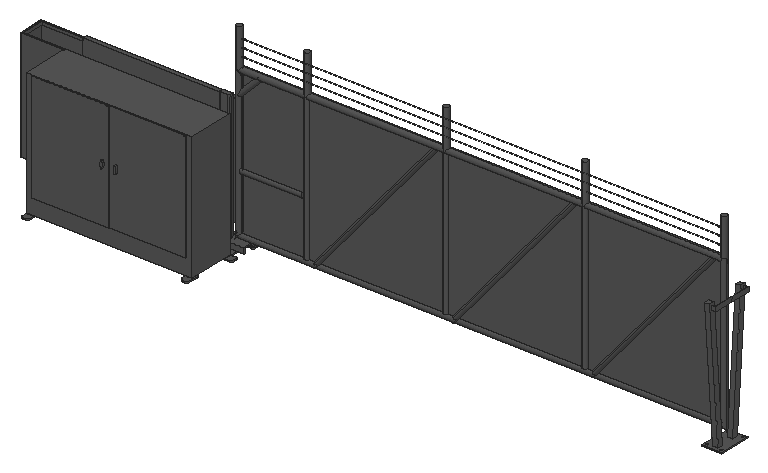
Revit family "1Construction_Fences-&-Traffic-Security_AutoGate_Chainlink-Pivot-Gates", category Specialty Equipment, Revit 2023 (continued)
Definition of nested family "Yoke"
  Dimensions and locks (in)
    locked: plane 7 to plane 8 at 2
    locked: plane 4 to plane 9 at 0.5
    locked: plane 9 to plane 10 at 2
    plane 11 to plane 1 "Center (Front/Back)" to plane 12 = 8.250" locked, 8.250" locked
    locked: plane 3 "Center (Left/Right)" to plane 13 at 2
    locked: plane 14 to plane 2 at 9
    locked: plane 15 to plane 14 at 2
    plane 1 "Center (Front/Back)" to Extrusion 2 sketch curve to Extrusion 2 sketch curve = 2.94455" locked, 2.00488" locked
    equal spacing: plane 19, plane 1 "Center (Front/Back)", plane 20
    Extrusion 6 sketch curve to Extrusion 6 sketch curve to plane 18 to Extrusion 6 sketch curve to Extrusion 6 sketch curve = 0.09375" locked, 0.27363" locked, 0.27363" locked, 0.09375" locked  (x2)
    "Halfback Length A": plane 19 to plane 20
    "Halfback Offset": plane 13 to plane 18
    Extrusion 6 sketch curve to plane 18 to Extrusion 6 sketch curve = 0.10037" locked, 0.10037" locked
    locked: plane 21 to plane 9 at 0.125
    locked: plane 10 to plane 22 at 0.125
    locked: plane 23 to plane 15 at 0.125
    locked: plane 14 to plane 24 at 0.125
    Extrusion 7 sketch curve to plane 18 to Extrusion 7 sketch curve = 0.10037" locked, 0.10037" locked
    Extrusion 7 sketch curve to Extrusion 7 sketch curve to plane 18 to Extrusion 7 sketch curve to Extrusion 7 sketch curve = 0.09375" locked, 0.27363" locked, 0.27363" locked, 0.09375" locked  (x2)
    locked: plane 25 to plane 1 "Center (Front/Back)" at 4.949
    plane 1 "Center (Front/Back)" to Extrusion 3 sketch curve to Extrusion 3 sketch curve = 3.28646" locked, 1.99513" locked
    locked: Extrusion 3 sketch curve to plane 25 at 0.33259
    locked: Extrusion 3 sketch curve to Extrusion 3 sketch curve at 1.99513
    locked: plane 3 "Center (Left/Right)" to plane 26 at 1.5
    Extrusion 8 sketch curve to plane 1 "Center (Front/Back)" to Extrusion 8 sketch curve = 1.000" locked, 1.000" locked
    locked: plane 26 to plane 27 at 0.25
    equal spacing: plane 30, plane 3 "Center (Left/Right)", plane 29
    "Halfback Length B": plane 30 to plane 29
    "Halfback Offset": plane 28 to plane 17
    locked: Extrusion 11 sketch curve to plane 28 at 0.13514
    locked: plane 28 to Extrusion 11 sketch curve at 0.13406
    Extrusion 11 sketch curve to Extrusion 11 sketch curve to plane 28 to Extrusion 11 sketch curve to Extrusion 11 sketch curve = 0.125" locked, 0.36537" locked, 0.36537" locked, 0.125" locked
    Extrusion 11 sketch curve to Extrusion 11 sketch curve to plane 28 to Extrusion 11 sketch curve to Extrusion 11 sketch curve = 0.125" locked, 0.36537" locked, 0.36537", 0.125"
    Extrusion 12 sketch curve to Extrusion 12 sketch curve to plane 28 to Extrusion 12 sketch curve to Extrusion 12 sketch curve = 0.125" locked, 0.36537" locked, 0.36537" locked, 0.125" locked  (x2)
    Extrusion 12 sketch curve to plane 28 to Extrusion 12 sketch curve = 0.13514" locked, 0.13406" locked
    "Void D": plane 3 "Center (Left/Right)" to plane 31
    Extrusion 13 sketch curve to Extrusion 13 sketch curve to plane 1 "Center (Front/Back)" to Extrusion 13 sketch curve to Extrusion 13 sketch curve = 0.000" locked, 0.49956" locked, 0.50044" locked, 0.000" locked
    plane 15 to Extrusion 13 sketch curve to Extrusion 13 sketch curve = 0.500" locked, 1.000" locked
    plane 9 to Extrusion 13 sketch curve to Extrusion 13 sketch curve = 0.500" locked, 1.000" locked
    Extrusion 14 sketch curve to Extrusion 14 sketch curve to plane 1 "Center (Front/Back)" to Extrusion 14 sketch curve to Extrusion 14 sketch curve = 1.99513" locked, 6.73765" locked, 6.73765" locked, 1.99513" locked
    Extrusion 14 sketch curve to Extrusion 14 sketch curve to plane 1 "Center (Front/Back)" to Extrusion 14 sketch curve to Extrusion 14 sketch curve = 1.99513" locked, 3.28603" locked, 3.28603" locked, 1.99513" locked
    Extrusion 14 sketch curve to Extrusion 14 sketch curve to Extrusion 14 sketch curve to Extrusion 14 sketch curve to Extrusion 14 sketch curve to Extrusion 14 sketch curve to plane 2 = 0.000" locked, 49.22094" locked, 0.000" locked, 0.13951" locked, 0.000" locked, 5.00003" locked
    locked: plane 7 to plane 32 at 6
    locked: plane 32 to plane 33 at 2
    plane 3 "Center (Left/Right)" to Extrusion 17 sketch curve to Extrusion 17 sketch curve to Extrusion 17 sketch curve to Extrusion 17 sketch curve to Extrusion 17 sketch curve to Extrusion 17 sketch curve = 2.000" locked, 0.375" locked, 0.000" locked, 1.250" locked, 0.000" locked, 0.375" locked
    Extrusion 17 sketch curve to Extrusion 17 sketch curve to Extrusion 17 sketch curve to plane 1 "Center (Front/Back)" to Extrusion 17 sketch curve to Extrusion 17 sketch curve to Extrusion 17 sketch curve = 0.375" locked, 0.000" locked, 1.62246" locked, 1.62246" locked, 0.000" locked, 0.375" locked
    Extrusion 18 sketch curve to plane 1 "Center (Front/Back)" to Extrusion 18 sketch curve = 6.500" locked, 6.500" locked
    Extrusion 19 sketch curve to Extrusion 19 sketch curve to plane 1 "Center (Front/Back)" to Extrusion 19 sketch curve to Extrusion 19 sketch curve = 2.250" locked, 2.000" locked, 2.000" locked, 2.250" locked
    Extrusion 19 sketch curve to Extrusion 19 sketch curve to Extrusion 19 sketch curve to Extrusion 19 sketch curve to plane 6 = 0.000" locked, 2.250" locked, 0.000" locked, 2.000" locked
    locked: plane 3 "Center (Left/Right)" to plane 34 at 2.875
    locked: plane 34 to plane 35 at 0.25
    locked: plane 36 to plane 37 at 0.25
    "Void DA5": plane 36 to plane 2
    plane 3 "Center (Left/Right)" to Extrusion 20 sketch curve to Extrusion 20 sketch curve to Extrusion 20 sketch curve to Extrusion 20 sketch curve = 0.000" locked, 3.000" locked, 0.000" locked, 3.000" locked
    Extrusion 20 sketch curve to plane 1 "Center (Front/Back)" to Extrusion 20 sketch curve = 5.500" locked, 5.500" locked
    "Bottom Plate Offset": plane 38 to plane 3 "Center (Left/Right)"
    locked: plane 38 to cut or joined group of Extrusion 18, Extrusion 20, Extrusion 21 at 8
    Extrusion 21 sketch curve to Extrusion 21 sketch curve to plane 1 "Center (Front/Back)" to Extrusion 21 sketch curve to Extrusion 21 sketch curve = 0.000" locked, 5.500" locked, 5.500" locked, 0.000" locked
    plane 38 to Extrusion 21 sketch curve to Extrusion 21 sketch curve to Extrusion 21 sketch curve to Extrusion 21 sketch curve = 1.000" locked, 0.000" locked, 6.000" locked, 0.000" locked
    locked: plane 39 to plane 40 at 0.25
    "Void E_F_G": plane 39 to plane 2
    locked: plane 16 to plane 1 "Center (Front/Back)" at 5.25
    "Top Br Offset B_F": plane 1 "Center (Front/Back)" to plane 17
    plane 1 "Center (Front/Back)" to Extrusion 22 sketch curve to Extrusion 22 sketch curve = 4.00044" locked, 2.000" locked
    plane 1 "Center (Front/Back)" to Extrusion 23 sketch curve to Extrusion 23 sketch curve = 4.00044" locked, 2.000" locked
    "Void Bottom G": plane 3 "Center (Left/Right)" to plane 42
    locked: plane 42 to plane 43 at 2
    Extrusion 27 sketch curve to plane 1 "Center (Front/Back)" to Extrusion 27 sketch curve = 5.250" locked, 5.250" locked
    Extrusion 28 sketch curve to plane 1 "Center (Front/Back)" to Extrusion 28 sketch curve = 1.000" locked, 1.000" locked
    Extrusion 29 sketch curve to plane 1 "Center (Front/Back)" to Extrusion 29 sketch curve = 3.99956" locked, 4.00044" locked
    Extrusion 29 sketch curve to Extrusion 29 sketch curve to plane 44 = 0.750" locked, 6.51988" locked
    locked: Extrusion 29 to plane 43 at 0.75
    locked: plane 41 to plane 2 at 0.5
    locked: plane 2 to plane 44 at 36
    Extrusion 32 sketch curve to Extrusion 32 sketch curve to plane 1 "Center (Front/Back)" to Extrusion 32 sketch curve to Extrusion 32 sketch curve = 0.200" locked, 3.050" locked, 3.050" locked, 0.200" locked
    plane 3 "Center (Left/Right)" to Extrusion 32 sketch curve to Extrusion 32 sketch curve = 1.600" locked, 0.000" locked
    locked: plane 3 "Center (Left/Right)" to Extrusion 32 sketch curve at 0.2
    locked: plane 45 to plane 2 at 5
    equal spacing: plane 47, plane 46, plane 45
    "Fence Height": plane 47 to plane 2
    plane 46 to plane 48 to plane 49 = 8.80494" locked, 2.400" locked
    plane 51 to plane 50 to plane 46 = 2.400" locked, 8.80494" locked
    plane 38 to Extrusion 33 sketch curve to Extrusion 33 sketch curve to Extrusion 33 sketch curve = 0.200" locked, 1.400" locked, 0.000" locked
    Extrusion 33 sketch curve to Extrusion 33 sketch curve to plane 1 "Center (Front/Back)" to Extrusion 33 sketch curve to Extrusion 33 sketch curve = 0.200" locked, 3.050" locked, 3.050" locked, 0.200" locked
    plane 52 to plane 46 to plane 53 = 18.000" locked, 18.000" locked
    Sweep 34 sketch curve to plane 46 to Sweep 34 sketch curve = 12.000" locked, 12.000" locked
    plane 1 "Center (Front/Back)" to Sweep 34 sketch curve to Sweep 34 sketch curve to Sweep 34 sketch curve = 3.050" locked, 1.47916" locked, 0.000" locked
    plane 1 "Center (Front/Back)" to Sweep 34 sketch curve to Sweep 34 sketch curve to Sweep 34 sketch curve to Sweep 34 sketch curve = 3.050" locked, 0.100" locked, 0.775" locked, 0.000" locked
    Sweep 35 sketch curve to plane 46 to Sweep 35 sketch curve = 12.000" locked, 12.000" locked
    Sweep 35 sketch curve to Sweep 35 sketch curve to Sweep 35 sketch curve to plane 1 "Center (Front/Back)" = 0.000" locked, 1.47916" locked, 3.050" locked
    Sweep 35 sketch curve to Sweep 35 sketch curve to Sweep 35 sketch curve to Sweep 35 sketch curve to plane 1 "Center (Front/Back)" = 0.000" locked, 0.775" locked, 0.100" locked, 3.050" locked
    plane 3 "Center (Left/Right)" to Sweep 34 sketch curve to Sweep 34 sketch curve to Sweep 34 sketch curve to Sweep 34 sketch curve = 1.600" locked, 0.100" locked, 1.400" locked, 0.100" locked
    plane 3 "Center (Left/Right)" to Sweep 35 sketch curve to Sweep 35 sketch curve to Sweep 35 sketch curve to Sweep 35 sketch curve = 1.600" locked, 0.100" locked, 1.400" locked, 0.100" locked
    Extrusion 36 sketch curve to Extrusion 36 sketch curve to plane 1 "Center (Front/Back)" to Extrusion 36 sketch curve to Extrusion 36 sketch curve = 0.200" locked, 3.050" locked, 3.050" locked, 0.200" locked
    plane 3 "Center (Left/Right)" to Extrusion 36 sketch curve to Extrusion 36 sketch curve to Extrusion 36 sketch curve to Extrusion 36 sketch curve = 0.000" locked, 0.200" locked, 1.400" locked, 0.000" locked
    locked: plane 54 to plane 45 at 7.875
    locked: plane 47 to plane 55 at 7.875
    locked: Extrusion 36 to plane 54 at 1.6
    locked: plane 54 to Extrusion 36 at 1.6
    plane 3 "Center (Left/Right)" to Sweep 37 sketch curve to Sweep 37 sketch curve to Sweep 37 sketch curve to Sweep 37 sketch curve = 1.600" locked, 0.100" locked, 1.400" locked, 0.100" locked
    plane 1 "Center (Front/Back)" to Sweep 37 sketch curve to Sweep 37 sketch curve to Sweep 37 sketch curve to Sweep 37 sketch curve = 3.050" locked, 0.100" locked, 0.775" locked, 0.000" locked
    Sweep 37 sketch curve to Sweep 37 sketch curve to plane 54 to Sweep 37 sketch curve to Sweep 37 sketch curve = 5.100" locked, 2.775" locked, 2.775" locked, 5.100" locked
    plane 1 "Center (Front/Back)" to Sweep 37 sketch curve to Sweep 37 sketch curve to Sweep 37 sketch curve = 3.050" locked, 1.25729" locked, 0.000" locked
    Sweep 38 sketch curve to Sweep 38 sketch curve to Sweep 38 sketch curve to Sweep 38 sketch curve to plane 1 "Center (Front/Back)" = 0.000" locked, 1.25729" locked, 0.000" locked, 3.050" locked
    Sweep 38 sketch curve to Sweep 38 sketch curve to plane 54 to Sweep 38 sketch curve to Sweep 38 sketch curve = 5.100" locked, 2.775" locked, 2.775" locked, 5.100" locked
    plane 3 "Center (Left/Right)" to Sweep 38 sketch curve to Sweep 38 sketch curve to Sweep 38 sketch curve to Sweep 38 sketch curve = 1.600" locked, 0.100" locked, 1.400" locked, 0.100" locked
    Sweep 38 sketch curve to Sweep 38 sketch curve to Sweep 38 sketch curve to Sweep 38 sketch curve to plane 1 "Center (Front/Back)" = 0.000" locked, 0.775" locked, 0.100" locked, 3.050" locked
    plane 3 "Center (Left/Right)" to Extrusion 39 sketch curve to Extrusion 39 sketch curve to Extrusion 39 sketch curve to Extrusion 39 sketch curve = 0.000" locked, 0.200" locked, 1.400" locked, 0.000" locked
    Extrusion 39 sketch curve to Extrusion 39 sketch curve to plane 1 "Center (Front/Back)" to Extrusion 39 sketch curve to Extrusion 39 sketch curve = 0.200" locked, 3.050" locked, 3.050" locked, 0.200" locked
    locked: Extrusion 39 to plane 55 at 1.6
    locked: plane 55 to Extrusion 39 at 1.6
    Sweep 40 sketch curve to Sweep 40 sketch curve to plane 55 to Sweep 40 sketch curve to Sweep 40 sketch curve = 5.100" locked, 2.775" locked, 2.775" locked, 5.100" locked
    plane 1 "Center (Front/Back)" to Sweep 40 sketch curve to Sweep 40 sketch curve to Sweep 40 sketch curve = 3.050" locked, 1.25729" locked, 0.000" locked
    plane 3 "Center (Left/Right)" to Sweep 40 sketch curve to Sweep 40 sketch curve to Sweep 40 sketch curve to Sweep 40 sketch curve = 1.600" locked, 0.100" locked, 1.400" locked, 0.100" locked
    plane 1 "Center (Front/Back)" to Sweep 40 sketch curve to Sweep 40 sketch curve to Sweep 40 sketch curve to Sweep 40 sketch curve = 3.050" locked, 0.100" locked, 0.775" locked, 0.000" locked
    Sweep 41 sketch curve to Sweep 41 sketch curve to plane 55 to Sweep 41 sketch curve to Sweep 41 sketch curve = 5.100" locked, 2.775" locked, 2.775" locked, 5.100" locked
    Sweep 41 sketch curve to Sweep 41 sketch curve to Sweep 41 sketch curve to plane 1 "Center (Front/Back)" = 0.000" locked, 1.25729" locked, 3.050" locked
    plane 3 "Center (Left/Right)" to Sweep 41 sketch curve to Sweep 41 sketch curve to Sweep 41 sketch curve to Sweep 41 sketch curve = 1.600" locked, 0.100" locked, 1.400" locked, 0.100" locked
    Sweep 41 sketch curve to Sweep 41 sketch curve to Sweep 41 sketch curve to Sweep 41 sketch curve to plane 1 "Center (Front/Back)" = 0.000" locked, 0.775" locked, 0.100" locked, 3.050" locked
    plane 12 to Extrusion 4 sketch curve to Extrusion 4 sketch curve = 0.000" locked, 0.250" locked
    locked: plane 11 to Extrusion 4 sketch curve at 0.25
    locked: plane 16 to Extrusion 5 sketch curve at 0.25
    locked: plane 17 to Extrusion 5 sketch curve at 0.25
    Extrusion 30 sketch curve to Extrusion 30 sketch curve to plane 1 "Center (Front/Back)" to Extrusion 30 sketch curve to Extrusion 30 sketch curve = 0.250" locked, 6.99999" locked, 4.750" locked, 0.250" locked
    plane 3 "Center (Left/Right)" to Extrusion 30 sketch curve to Extrusion 30 sketch curve to Extrusion 30 sketch curve to Extrusion 30 sketch curve = 0.000" locked, 1.750" locked, 0.250" locked, 4.000" locked
    Extrusion 31 sketch curve to Extrusion 31 sketch curve to plane 1 "Center (Front/Back)" to Extrusion 31 sketch curve to Extrusion 31 sketch curve = 0.250" locked, 5.000" locked, 4.750" locked, 0.250" locked
    plane 3 "Center (Left/Right)" to Extrusion 31 sketch curve to Extrusion 31 sketch curve to Extrusion 31 sketch curve = 1.750" locked, 0.250" locked, 4.000" locked
    plane 17 to Extrusion 9 sketch curve to Extrusion 9 sketch curve to Extrusion 9 sketch curve = 0.250" locked, 11.99946" locked, 0.250" locked
    locked: plane 17 to Extrusion 10 sketch curve at 0.25
    locked: plane 16 to Extrusion 10 sketch curve at 0.25
    Extrusion 15 sketch curve to Extrusion 15 sketch curve to plane 32 = 0.250" locked, 1.750" locked
    Extrusion 15 sketch curve to Extrusion 15 sketch curve to plane 1 "Center (Front/Back)" to Extrusion 15 sketch curve to Extrusion 15 sketch curve = 0.250" locked, 8.000" locked, 8.000" locked, 0.250" locked
    Extrusion 16 sketch curve to Extrusion 16 sketch curve to plane 1 "Center (Front/Back)" to Extrusion 16 sketch curve to Extrusion 16 sketch curve = 0.250" locked, 5.000" locked, 5.000" locked, 0.250" locked
    Extrusion 16 sketch curve to Extrusion 16 sketch curve to plane 32 = 0.250" locked, 1.750" locked
    Extrusion 24 sketch curve to Extrusion 24 sketch curve to plane 1 "Center (Front/Back)" to Extrusion 24 sketch curve to Extrusion 24 sketch curve = 0.250" locked, 7.000" locked, 9.000" locked, 0.250" locked
    Extrusion 24 sketch curve to plane 3 "Center (Left/Right)" to Extrusion 24 sketch curve to Extrusion 24 sketch curve = 2.250" locked, 1.750" locked, 0.250" locked
    Extrusion 25 sketch curve to Extrusion 25 sketch curve to plane 1 "Center (Front/Back)" to Extrusion 25 sketch curve to Extrusion 25 sketch curve = 0.250" locked, 5.000" locked, 9.000" locked, 0.250" locked
    Extrusion 25 sketch curve to plane 3 "Center (Left/Right)" to Extrusion 25 sketch curve to Extrusion 25 sketch curve = 2.250" locked, 1.750" locked, 0.250" locked
    locked: plane 12 to Masking region 1 sketch curve at 0.25
    locked: plane 11 to Masking region 1 sketch curve at 0.25
    locked: plane 16 to Masking region 2 sketch curve at 0.25
    locked: plane 17 to Masking region 2 sketch curve at 0.25
    locked: Masking region 4 sketch curve to plane 3 "Center (Left/Right)" at 2
    plane 1 "Center (Front/Back)" to Masking region 4 sketch curve to Masking region 4 sketch curve = 3.28646" locked, 3.45162" locked
    plane 1 "Center (Front/Back)" to Masking region 3 sketch curve to Masking region 3 sketch curve = 6.73808" locked, 1.99513" locked
    locked: Masking region 5 sketch curve to plane 3 "Center (Left/Right)" at 2
    Masking region 5 sketch curve to Masking region 5 sketch curve to plane 1 "Center (Front/Back)" = 1.99513" locked, 6.73808" locked
    locked: Masking region 6 sketch curve to plane 3 "Center (Left/Right)" at 2
    Masking region 6 sketch curve to Masking region 6 sketch curve to plane 1 "Center (Front/Back)" = 3.45206" locked, 3.28603" locked
    Masking region 7 sketch curve to Masking region 7 sketch curve to plane 18 to Masking region 7 sketch curve to Masking region 7 sketch curve = 0.09375" locked, 0.27363" locked, 0.27363" locked, 0.09375" locked  (x2)
    Masking region 7 sketch curve to plane 18 to Masking region 7 sketch curve = 0.10037" locked, 0.10037" locked
    plane 17 to Masking region 8 sketch curve to Masking region 8 sketch curve to Masking region 8 sketch curve = 0.250" locked, 11.99946" locked, 0.250" locked
    locked: plane 16 to Masking region 9 sketch curve at 0.25
    locked: Masking region 10 sketch curve to plane 28 at 0.13514
    locked: plane 28 to Masking region 10 sketch curve at 0.13406
    Masking region 10 sketch curve to Masking region 10 sketch curve to plane 28 to Masking region 10 sketch curve to Masking region 10 sketch curve = 0.125" locked, 0.36537" locked, 0.36537" locked, 0.125" locked
    Masking region 10 sketch curve to Masking region 10 sketch curve to plane 28 to Masking region 10 sketch curve to Masking region 10 sketch curve = 0.125" locked, 0.36537" locked, 0.36537", 0.125"
    Masking region 11 sketch curve to plane 1 "Center (Front/Back)" to Masking region 11 sketch curve = 1.000" locked, 1.000" locked
    Masking region 12 sketch curve to Masking region 12 sketch curve to plane 1 "Center (Front/Back)" to Masking region 12 sketch curve to Masking region 12 sketch curve = 0.250" locked, 6.99999" locked, 4.750" locked, 0.250" locked
    plane 3 "Center (Left/Right)" to Masking region 12 sketch curve to Masking region 12 sketch curve to Masking region 12 sketch curve to Masking region 12 sketch curve = 0.000" locked, 1.750" locked, 0.250" locked, 4.000" locked
    Masking region 13 sketch curve to Masking region 13 sketch curve to plane 1 "Center (Front/Back)" = 0.250" locked, 5.000" locked
    locked: plane 3 "Center (Left/Right)" to Masking region 13 sketch curve at 1.75
    Masking region 14 sketch curve to Masking region 14 sketch curve to plane 32 = 0.250" locked, 1.750" locked
    Masking region 14 sketch curve to Masking region 14 sketch curve to plane 1 "Center (Front/Back)" to Masking region 14 sketch curve to Masking region 14 sketch curve = 0.250" locked, 8.000" locked, 8.000" locked, 0.250" locked
    Masking region 15 sketch curve to Masking region 15 sketch curve to plane 1 "Center (Front/Back)" to Masking region 15 sketch curve to Masking region 15 sketch curve = 1.99513" locked, 6.73765" locked, 6.73765" locked, 1.99513" locked
    Masking region 16 sketch curve to Masking region 16 sketch curve to plane 1 "Center (Front/Back)" to Masking region 16 sketch curve to Masking region 16 sketch curve = 3.45162" locked, 3.28603" locked, 3.28603" locked, 3.45162" locked
    Masking region 16 sketch curve to Masking region 16 sketch curve to Masking region 16 sketch curve to plane 1 "Center (Front/Back)" to Masking region 16 sketch curve to Masking region 16 sketch curve to Masking region 16 sketch curve = 0.375" locked, 0.000" locked, 1.62246" locked, 1.62246" locked, 0.000" locked, 0.375" locked
    Masking region 16 sketch curve to Masking region 16 sketch curve to Masking region 16 sketch curve to Masking region 16 sketch curve to Masking region 16 sketch curve to Masking region 16 sketch curve to plane 33 = 0.375" locked, 0.000" locked, 1.250" locked, 0.000" locked, 0.375" locked, 4.000" locked
    Masking region 15 sketch curve to Masking region 15 sketch curve to plane 1 "Center (Front/Back)" to Masking region 15 sketch curve to Masking region 15 sketch curve = 2.250" locked, 2.000" locked, 2.000" locked, 2.250" locked
    Masking region 15 sketch curve to Masking region 15 sketch curve to Masking region 15 sketch curve to Masking region 15 sketch curve to plane 33 = 0.000" locked, 0.250" locked, 0.000" locked, 4.875" locked
    Masking region 17 sketch curve to Masking region 17 sketch curve to plane 1 "Center (Front/Back)" to Masking region 17 sketch curve to Masking region 17 sketch curve = 0.250" locked, 7.000" locked, 9.000" locked, 0.250" locked
    Masking region 17 sketch curve to plane 3 "Center (Left/Right)" to Masking region 17 sketch curve to Masking region 17 sketch curve = 2.250" locked, 1.750" locked, 0.250" locked
    Masking region 18 sketch curve to Masking region 18 sketch curve to plane 1 "Center (Front/Back)" = 0.250" locked, 5.000" locked
    locked: plane 3 "Center (Left/Right)" to Masking region 18 sketch curve at 1.75
    plane 3 "Center (Left/Right)" to Masking region 18 sketch curve to Masking region 18 sketch curve = 1.500" locked, 0.250" locked
    plane 1 "Center (Front/Back)" to Masking region 18 sketch curve to Masking region 18 sketch curve = 4.00044" locked, 2.000" locked
    plane 3 "Center (Left/Right)" to Masking region 19 sketch curve to Masking region 19 sketch curve to Masking region 19 sketch curve to Masking region 19 sketch curve = 0.000" locked, 0.200" locked, 1.400" locked, 0.000" locked
    Masking region 19 sketch curve to Masking region 19 sketch curve to plane 1 "Center (Front/Back)" to Masking region 19 sketch curve to Masking region 19 sketch curve = 0.200" locked, 3.050" locked, 3.050" locked, 0.200" locked
    Masking region 19 sketch curve to Masking region 19 sketch curve to Masking region 19 sketch curve to Masking region 19 sketch curve to plane 1 "Center (Front/Back)" to Masking region 19 sketch curve to Masking region 19 sketch curve to Masking region 19 sketch curve to Masking region 19 sketch curve = 0.000" locked, 0.75247" locked, 0.09709" locked, 4.52916" locked, 4.52916" locked, 0.09709" locked, 0.75247" locked, 0.000" locked
    plane 3 "Center (Left/Right)" to Masking region 19 sketch curve to Masking region 19 sketch curve to Masking region 19 sketch curve to Masking region 19 sketch curve to Masking region 19 sketch curve to Masking region 19 sketch curve to Masking region 19 sketch curve to Masking region 19 sketch curve = 1.600" locked, 0.000" locked, 0.100" locked, 0.000" locked, 1.400" locked, 0.000" locked, 0.100" locked, 0.000" locked
    Masking region 20 sketch curve to Masking region 20 sketch curve to plane 1 "Center (Front/Back)" to Masking region 20 sketch curve to Masking region 20 sketch curve = 1.47916" locked, 3.050" locked, 3.050" locked, 1.47916" locked
    plane 3 "Center (Left/Right)" to Masking region 20 sketch curve to Masking region 20 sketch curve to Masking region 20 sketch curve to Masking region 20 sketch curve = 1.600" locked, 0.000" locked, 1.600" locked, 0.000" locked
    Masking region 21 sketch curve to Masking region 21 sketch curve to plane 1 "Center (Front/Back)" to Masking region 21 sketch curve to Masking region 21 sketch curve = 2.28602" locked, 1.00044" locked, 1.00044" locked, 2.28602" locked
    Masking region 21 sketch curve to Masking region 21 sketch curve to plane 3 "Center (Left/Right)" to Masking region 21 sketch curve to Masking region 21 sketch curve = 0.000" locked, 2.000" locked, 0.000" locked, 0.000" locked
    Masking region 22 sketch curve to Masking region 22 sketch curve to plane 1 "Center (Front/Back)" to Masking region 22 sketch curve to Masking region 22 sketch curve = 3.000" locked, 1.00044" locked, 1.00044" locked, 3.000" locked
    Masking region 22 sketch curve to Masking region 22 sketch curve to Masking region 22 sketch curve to Masking region 22 sketch curve to plane 3 "Center (Left/Right)" = 0.000" locked, 0.750" locked, 0.000" locked, 2.000" locked
    Masking region 24 sketch curve to plane 3 "Center (Left/Right)" to Masking region 24 sketch curve = 2.000" locked, 0.000" locked
    plane 1 "Center (Front/Back)" to Masking region 24 sketch curve to Masking region 24 sketch curve = 4.00044" locked, 2.000" locked
    Masking region 23 sketch curve to Masking region 23 sketch curve to Masking region 23 sketch curve to Masking region 23 sketch curve to Masking region 23 sketch curve to plane 3 "Center (Left/Right)" to Masking region 23 sketch curve to Masking region 23 sketch curve to Masking region 23 sketch curve to Masking region 23 sketch curve to Masking region 23 sketch curve to Masking region 23 sketch curve = 1.000" locked, 0.000" locked, 2.000" locked, 0.000" locked, 2.000" locked, 0.000" locked, 0.000" locked, 0.000" locked, 1.750" locked, 0.250" locked, 1.000" locked
    Masking region 23 sketch curve to Masking region 23 sketch curve to Masking region 23 sketch curve to Masking region 23 sketch curve to Masking region 23 sketch curve to plane 1 "Center (Front/Back)" to Masking region 23 sketch curve to Masking region 23 sketch curve to Masking region 23 sketch curve to Masking region 23 sketch curve to Masking region 23 sketch curve to Masking region 23 sketch curve = 0.000" locked, 0.000" locked, 1.000" locked, 2.21397" locked, 3.28603" locked, 4.00044" locked, 0.88056" locked, 0.250" locked, 0.369" locked, 0.50044" locked, 0.49956" locked
    Masking region 23 sketch curve to Masking region 23 sketch curve to Masking region 23 sketch curve to Masking region 23 sketch curve to Masking region 23 sketch curve to plane 1 "Center (Front/Back)" = 0.0861" locked, 0.3199" locked, 0.3199" locked, 0.0861" locked, 5.094" locked
    locked: plane 3 "Center (Left/Right)" to Masking region 23 sketch curve at 2
    plane 3 "Center (Left/Right)" to Masking region 23 sketch curve to Masking region 23 sketch curve = 1.83066" locked, 0.16934" locked
    locked: plane 1 "Center (Front/Back)" to Masking region 23 sketch curve at 5.5
    Masking region 23 sketch curve to plane 1 "Center (Front/Back)" to Masking region 23 sketch curve = 1.000" locked, 1.000" locked
    locked: plane 3 "Center (Left/Right)" to Masking region 23 sketch curve
    locked: Masking region 23 sketch curve to plane 3 "Center (Left/Right)" at 5
    plane 1 "Center (Front/Back)" to Masking region 25 sketch curve to Masking region 25 sketch curve to Masking region 25 sketch curve to Masking region 25 sketch curve to Masking region 25 sketch curve to Masking region 25 sketch curve to Masking region 25 sketch curve to Masking region 25 sketch curve to Masking region 25 sketch curve to Masking region 25 sketch curve = 3.28646" locked, 1.71354" locked, 0.094" locked, 0.156" locked, 0.250" locked, 0.3199" locked, 0.0861" locked, 0.594" locked, 0.000" locked, 0.000" locked
    Masking region 25 sketch curve to Masking region 25 sketch curve to Masking region 25 sketch curve to Masking region 25 sketch curve to Masking region 25 sketch curve to Masking region 25 sketch curve to Masking region 25 sketch curve to Masking region 25 sketch curve to Masking region 25 sketch curve to plane 1 "Center (Front/Back)" = 0.000" locked, 0.000" locked, 0.594" locked, 0.406" locked, 0.250" locked, 0.156" locked, 0.094" locked, 1.71397" locked, 3.28603" locked
    Masking region 25 sketch curve to Masking region 25 sketch curve to Masking region 25 sketch curve to Masking region 25 sketch curve to Masking region 25 sketch curve to plane 3 "Center (Left/Right)" to Masking region 25 sketch curve to Masking region 25 sketch curve to Masking region 25 sketch curve to Masking region 25 sketch curve to Masking region 25 sketch curve to Masking region 25 sketch curve to Masking region 25 sketch curve to Masking region 25 sketch curve to Masking region 25 sketch curve to Masking region 25 sketch curve to Masking region 25 sketch curve to Masking region 25 sketch curve to Masking region 25 sketch curve to Masking region 25 sketch curve = 1.000" locked, 0.000" locked, 2.000" locked, 0.000" locked, 2.000" locked, 0.000" locked, 0.000" locked, 0.000" locked, 1.6801" locked, 0.000" locked, 0.0699" locked, 0.000" locked, 0.000" locked, 0.250" locked, 0.000" locked, 0.000" locked, 0.000" locked, 0.000" locked, 1.000" locked
    plane 1 "Center (Front/Back)" to Masking region 26 sketch curve to Masking region 26 sketch curve to Masking region 26 sketch curve to Masking region 26 sketch curve to Masking region 26 sketch curve to Masking region 26 sketch curve to Masking region 26 sketch curve to Masking region 26 sketch curve to Masking region 26 sketch curve to Masking region 26 sketch curve to Masking region 26 sketch curve to Masking region 26 sketch curve to Masking region 26 sketch curve to Masking region 26 sketch curve to Masking region 26 sketch curve to Masking region 26 sketch curve to Masking region 26 sketch curve to Masking region 26 sketch curve to Masking region 26 sketch curve = 0.000" locked, 0.000" locked, 1.62246" locked, 0.000" locked, 0.000" locked, 0.000" locked, 0.375" locked, 0.000" locked, 1.289" locked, 0.000" locked, 0.96354" locked, 0.750" locked, 0.000" locked, 0.250" locked, 0.000" locked, 0.250" locked, 1.000" locked, 0.000" locked, 0.000" locked
    Masking region 26 sketch curve to Masking region 26 sketch curve to Masking region 26 sketch curve to Masking region 26 sketch curve to Masking region 26 sketch curve to Masking region 26 sketch curve to Masking region 26 sketch curve to Masking region 26 sketch curve to Masking region 26 sketch curve to Masking region 26 sketch curve to Masking region 26 sketch curve to Masking region 26 sketch curve to Masking region 26 sketch curve to Masking region 26 sketch curve to Masking region 26 sketch curve to Masking region 26 sketch curve to Masking region 26 sketch curve to plane 1 "Center (Front/Back)" = 0.000" locked, 0.000" locked, 1.000" locked, 0.250" locked, 0.000" locked, 0.250" locked, 0.000" locked, 0.750" locked, 0.96397" locked, 0.000" locked, 1.28857" locked, 0.000" locked, 0.375" locked, 0.000" locked, 0.000" locked, 0.000" locked, 1.62246" locked
    Masking region 26 sketch curve to plane 3 "Center (Left/Right)" to Masking region 26 sketch curve to Masking region 26 sketch curve to Masking region 26 sketch curve to Masking region 26 sketch curve to Masking region 26 sketch curve to Masking region 26 sketch curve to Masking region 26 sketch curve to Masking region 26 sketch curve to Masking region 26 sketch curve to Masking region 26 sketch curve to Masking region 26 sketch curve to Masking region 26 sketch curve to Masking region 26 sketch curve to Masking region 26 sketch curve to Masking region 26 sketch curve to Masking region 26 sketch curve to Masking region 26 sketch curve to Masking region 26 sketch curve to Masking region 26 sketch curve to Masking region 26 sketch curve to Masking region 26 sketch curve to Masking region 26 sketch curve to Masking region 26 sketch curve to Masking region 26 sketch curve to Masking region 26 sketch curve to Masking region 26 sketch curve to Masking region 26 sketch curve to Masking region 26 sketch curve to Masking region 26 sketch curve to Masking region 26 sketch curve to Masking region 26 sketch curve to Masking region 26 sketch curve = 1.000" locked, 0.000" locked, 0.000" locked, 0.000" locked, 0.000" locked, 0.000" locked, 1.750" locked, 0.000" locked, 0.000" locked, 0.250" locked, 0.000" locked, 0.375" locked, 0.000" locked, 0.000" locked, 0.000" locked, 0.500" locked, 0.000" locked, 0.125" locked, 0.000" locked, 0.125" locked, 0.000" locked, 0.500" locked, 0.000" locked, 0.000" locked, 0.000" locked, 0.375" locked, 0.000" locked, 2.000" locked, 0.000" locked, 0.000" locked, 0.000" locked, 0.000" locked, 1.000" locked
    locked: plane 3 "Center (Left/Right)" to Masking region 26 sketch curve at 4.25  (x3)
    plane 3 "Center (Left/Right)" to Masking region 27 sketch curve to Masking region 27 sketch curve to Masking region 27 sketch curve to Masking region 27 sketch curve = 4.250" locked, 0.000" locked, 1.750" locked, 0.000" locked
    Masking region 27 sketch curve to Masking region 27 sketch curve to plane 1 "Center (Front/Back)" to Masking region 27 sketch curve to Masking region 27 sketch curve = 0.250" locked, 5.000" locked, 5.000" locked, 0.250" locked
    Masking region 26 sketch curve to plane 1 "Center (Front/Back)" to Masking region 26 sketch curve = 1.000" locked, 1.000" locked
    locked: Masking region 26 sketch curve to plane 3 "Center (Left/Right)" at 1
    Masking region 25 sketch curve to plane 1 "Center (Front/Back)" to Masking region 25 sketch curve = 1.000" locked, 1.000" locked
    Masking region 25 sketch curve to plane 3 "Center (Left/Right)" to Masking region 25 sketch curve = 5.000" locked, 0.000" locked
    "Halfback Dia": diameter of Extrusion 6 sketch curve  (x2)
    "Halfback Out Dia": diameter of Extrusion 6 sketch curve  (x2)
    "Halfback Dia": diameter of Extrusion 7 sketch curve  (x2)
    "Halfback Out Dia": diameter of Extrusion 7 sketch curve  (x2)
    "Halfback Dia": diameter of Extrusion 11 sketch curve  (x2)
    "Halfback Out Dia": diameter of Extrusion 11 sketch curve  (x2)
    "Halfback Dia": diameter of Extrusion 12 sketch curve  (x2)
    "Halfback Out Dia": diameter of Extrusion 12 sketch curve  (x2)
    "Halfback Dia": diameter of Masking region 7 sketch curve  (x2)
    "Halfback Out Dia": diameter of Masking region 7 sketch curve  (x2)
    "Halfback Dia": diameter of Masking region 10 sketch curve  (x2)
    "Halfback Out Dia": diameter of Masking region 10 sketch curve  (x2)
    locked: plane 1 "Center (Front/Back)" to Extrusion 1 sketch curve (angle 4.00°)  (x2)
    aligned and locked: plane 2 to level
    aligned and locked: plane 4 to Extrusion 1 sketch curve
    aligned and locked: Extrusion 1 to plane 5
    aligned and locked: plane 3 "Center (Left/Right)" to Extrusion 1
    aligned and locked: plane 3 "Center (Left/Right)" to Extrusion 2
    aligned and locked: Extrusion 2 to plane 5
    aligned and locked: plane 4 to Extrusion 2 sketch curve
    aligned and locked: Extrusion 3 sketch curve to plane 2
    aligned and locked: Extrusion 3 to plane 7
    aligned and locked: Extrusion 3 to plane 8
    aligned and locked: Extrusion 4 sketch curve to plane 3 "Center (Left/Right)"
    aligned and locked: plane 3 "Center (Left/Right)" to Extrusion 4 sketch curve
    aligned and locked: plane 13 to Extrusion 4 sketch curve
    aligned and locked: plane 11 to Extrusion 4 sketch curve
    aligned and locked: plane 9 to Extrusion 4
    aligned and locked: Extrusion 4 to plane 10
    aligned and locked: Extrusion 5 to plane 14
    aligned and locked: plane 15 to Extrusion 5
    aligned and locked: plane 3 "Center (Left/Right)" to Extrusion 5 sketch curve
    aligned and locked: Extrusion 5 sketch curve to plane 3 "Center (Left/Right)"
    aligned and locked: plane 17 to Extrusion 5 sketch curve
    aligned and locked: plane 16 to Extrusion 5 sketch curve
    aligned and locked: plane 13 to Extrusion 5 sketch curve
    aligned and locked: plane 6 to Extrusion 2 sketch curve
    aligned and locked: Extrusion 6 sketch curve to plane 19  (x2)
    aligned and locked: Extrusion 6 sketch curve to plane 20  (x2)
    aligned and locked: plane 1 "Center (Front/Back)" to Extrusion 6 sketch curve  (x2)
    aligned and locked: plane 21 to Extrusion 6
    aligned and locked: Extrusion 6 to plane 22
    aligned and locked: Extrusion 7 to plane 24
    aligned and locked: plane 23 to Extrusion 7
    aligned and locked: Extrusion 7 sketch curve to plane 19  (x2)
    aligned and locked: Extrusion 7 sketch curve to plane 20  (x2)
    aligned and locked: plane 25 to Extrusion 1 sketch curve
    aligned and locked: plane 13 to Extrusion 9 sketch curve
    aligned and locked: plane 3 "Center (Left/Right)" to Extrusion 9 sketch curve
    aligned and locked: Extrusion 9 sketch curve to plane 3 "Center (Left/Right)"
    aligned and locked: Extrusion 9 sketch curve to plane 27
    aligned and locked: plane 9 to Extrusion 9
    aligned and locked: Extrusion 9 to plane 10
    aligned and locked: Extrusion 10 to plane 14
    aligned and locked: plane 15 to Extrusion 10
    aligned and locked: plane 13 to Extrusion 10 sketch curve
    aligned and locked: Extrusion 10 sketch curve to plane 27
    aligned and locked: Extrusion 10 sketch curve to plane 3 "Center (Left/Right)"
    aligned and locked: plane 3 "Center (Left/Right)" to Extrusion 10 sketch curve
    aligned and locked: plane 17 to Extrusion 10 sketch curve
    aligned and locked: plane 16 to Extrusion 10 sketch curve
    aligned and locked: plane 17 to Extrusion 9 sketch curve
    aligned and locked: plane 30 to Extrusion 11 sketch curve
    aligned and locked: plane 29 to Extrusion 11 sketch curve
    aligned and locked: plane 21 to Extrusion 11
    aligned and locked: Extrusion 11 to plane 22
    aligned and locked: plane 29 to Extrusion 12 sketch curve
    aligned and locked: Extrusion 12 sketch curve to plane 29
    aligned and locked: Extrusion 12 sketch curve to plane 30
    aligned and locked: plane 30 to Extrusion 12 sketch curve
    aligned and locked: plane 23 to Extrusion 12
    aligned and locked: Extrusion 12 to plane 24
    aligned and locked: plane 31 to Extrusion 13
    aligned and locked: Extrusion 13 to plane 3 "Center (Left/Right)"
    aligned and locked: Extrusion 8 to plane 14
    aligned and locked: plane 4 to Extrusion 14 sketch curve  (x2)
    aligned and locked: Extrusion 14 to plane 32
    aligned and locked: plane 33 to Extrusion 14
    aligned and locked: Extrusion 15 sketch curve to plane 32
    aligned and locked: plane 32 to Extrusion 15 sketch curve
    aligned and locked: Extrusion 16 sketch curve to plane 32
    aligned and locked: plane 32 to Extrusion 16 sketch curve
    aligned and locked: Extrusion 15 to plane 10
    aligned and locked: plane 9 to Extrusion 15
    aligned and locked: plane 15 to Extrusion 16
    aligned and locked: Extrusion 16 to plane 14
    aligned and locked: plane 4 to Extrusion 17
    aligned and locked: Extrusion 17 to plane 6
    aligned and locked: Extrusion 18 to plane 2
    aligned and locked: plane 6 to Extrusion 18
    aligned and locked: plane 6 to Extrusion 19 sketch curve  (x2)
    aligned and locked: plane 35 to Extrusion 19
    aligned and locked: Extrusion 19 to plane 34
    aligned and locked: plane 1 "Center (Front/Back)" to Extrusion 20 sketch curve  (x2)
    aligned and locked: Extrusion 20 to plane 37
    aligned and locked: plane 36 to Extrusion 20
    aligned and locked: plane 38 to Extrusion 18 sketch curve
    aligned and locked: Extrusion 21 to plane 40
    aligned and locked: plane 39 to Extrusion 21
    aligned and locked: plane 6 to Extrusion 22 sketch curve
    aligned and locked: Extrusion 22 sketch curve to plane 4
    aligned and locked: Extrusion 22 to plane 5
    aligned and locked: plane 3 "Center (Left/Right)" to Extrusion 22
    aligned and locked: Extrusion 23 sketch curve to plane 9
    aligned and locked: plane 14 to Extrusion 23 sketch curve
    aligned and locked: plane 27 to Extrusion 23
    aligned and locked: Extrusion 23 to plane 26
    aligned and locked: plane 26 to Extrusion 23
    aligned and locked: Extrusion 24 sketch curve to plane 3 "Center (Left/Right)"
    aligned and locked: plane 9 to Extrusion 24
    aligned and locked: Extrusion 24 to plane 10
    aligned and locked: Extrusion 25 sketch curve to plane 3 "Center (Left/Right)"
    aligned and locked: plane 15 to Extrusion 25
    aligned and locked: Extrusion 25 to plane 14
    aligned and locked: plane 41 to Extrusion 26 sketch curve
    aligned and locked: Extrusion 26 sketch curve to plane 2
    aligned and locked: Extrusion 26 to plane 43
    aligned and locked: plane 42 to Extrusion 26
    aligned and locked: Extrusion 27 sketch curve to plane 41
    aligned and locked: plane 42 to Extrusion 27
    aligned and locked: Extrusion 27 to plane 43
    aligned and locked: Extrusion 28 sketch curve to plane 3 "Center (Left/Right)"
    aligned and locked: plane 43 to Extrusion 28 sketch curve
    aligned and locked: Extrusion 28 to plane 44
    aligned and locked: plane 43 to Extrusion 29
    aligned and locked: plane 9 to Extrusion 30
    aligned and locked: Extrusion 30 to plane 10
    aligned and locked: Extrusion 31 sketch curve to plane 3 "Center (Left/Right)"
    aligned and locked: plane 15 to Extrusion 31
    aligned and locked: Extrusion 31 to plane 14
    aligned and locked: plane 2 to Extrusion 28
    aligned and locked: Extrusion 27 to plane 2
    aligned and locked: Extrusion 32 sketch curve to plane 3 "Center (Left/Right)"
    aligned and locked: plane 48 to Extrusion 32
    aligned and locked: Extrusion 32 to plane 49
    aligned and locked: Extrusion 33 sketch curve to plane 38
    aligned and locked: Extrusion 33 to plane 51
    aligned and locked: plane 50 to Extrusion 33
    aligned and locked: plane 52 to Sweep 34 sketch curve
    aligned and locked: plane 53 to Sweep 34 sketch curve
    aligned and locked: plane 52 to Sweep 35 sketch curve
    aligned and locked: plane 53 to Sweep 35 sketch curve
    aligned and locked: Masking region 1 sketch curve to plane 3 "Center (Left/Right)"  (x2)
    aligned and locked: plane 13 to Masking region 1 sketch curve
    aligned and locked: Masking region 1 sketch curve to plane 27
    aligned and locked: plane 12 to Masking region 1 sketch curve
    aligned and locked: plane 11 to Masking region 1 sketch curve
    aligned and locked: plane 27 to Masking region 2 sketch curve  (x2)
    aligned and locked: plane 17 to Masking region 2 sketch curve
    aligned and locked: plane 16 to Masking region 2 sketch curve
    aligned and locked: Masking region 4 sketch curve to plane 3 "Center (Left/Right)"
    aligned and locked: Masking region 5 sketch curve to plane 3 "Center (Left/Right)"
    aligned and locked: plane 3 "Center (Left/Right)" to Masking region 6 sketch curve
    aligned and locked: plane 17 to Masking region 8 sketch curve
    aligned and locked: plane 13 to Masking region 8 sketch curve
    aligned and locked: Masking region 8 sketch curve to plane 27
    aligned and locked: plane 3 "Center (Left/Right)" to Masking region 8 sketch curve
    aligned and locked: Masking region 8 sketch curve to plane 3 "Center (Left/Right)"
    aligned and locked: plane 16 to Masking region 9 sketch curve
    aligned and locked: plane 3 "Center (Left/Right)" to Masking region 9 sketch curve
    aligned and locked: Masking region 9 sketch curve to plane 27
    aligned and locked: Masking region 11 sketch curve to plane 27
    aligned and locked: plane 26 to Masking region 11 sketch curve
    aligned and locked: Masking region 13 sketch curve to plane 3 "Center (Left/Right)"
    aligned and locked: plane 3 "Center (Left/Right)" to Masking region 3 sketch curve
    aligned and locked: Masking region 2 sketch curve to plane 3 "Center (Left/Right)"
    aligned and locked: plane 3 "Center (Left/Right)" to Masking region 2 sketch curve
    aligned and locked: Masking region 14 sketch curve to plane 32
    aligned and locked: plane 32 to Masking region 14 sketch curve
    aligned and locked: Masking region 15 sketch curve to plane 33
    aligned and locked: plane 33 to Masking region 15 sketch curve
    aligned and locked: Masking region 15 sketch curve to plane 32
    aligned and locked: plane 32 to Masking region 15 sketch curve
    aligned and locked: Masking region 16 sketch curve to plane 33
    aligned and locked: plane 32 to Masking region 16 sketch curve
    aligned and locked: Masking region 16 sketch curve to plane 32
    aligned and locked: plane 33 to Masking region 16 sketch curve
    aligned and locked: Masking region 3 sketch curve to plane 5
    aligned and locked: Masking region 17 sketch curve to plane 3 "Center (Left/Right)"
    aligned and locked: Masking region 18 sketch curve to plane 3 "Center (Left/Right)"
  Automatic sketch dimensions
    plane 1 "Center (Front/Back)" to Extrusion 4 sketch curve = 0.000"  (x2)
    plane 1 "Center (Front/Back)" to Extrusion 5 sketch curve = 0.000"  (x2)
    plane 1 "Center (Front/Back)" to Extrusion 15 sketch curve = 0.000"  (x2)
    plane 1 "Center (Front/Back)" to Extrusion 16 sketch curve = 0.000"  (x2)
    Extrusion 26 sketch curve to plane 16 = 0.000"
    Extrusion 26 sketch curve to plane 17 = 0.000"
    Extrusion 1 sketch curve to plane 6 = 0.000"
    Extrusion 8 sketch curve to plane 14 = 0.000"
    Extrusion 8 sketch curve to plane 9 = 0.000"
    Extrusion 18 sketch curve to plane 33 = 1.000"
    Extrusion 27 sketch curve to level = 0.000"
    Extrusion 4 sketch curve to plane 27 = 0.000"
    Extrusion 5 sketch curve to plane 27 = 0.000"
    plane 1 "Center (Front/Back)" to Masking region 1 sketch curve = 0.000"  (x2)
    plane 1 "Center (Front/Back)" to Masking region 14 sketch curve = 0.000"  (x2)
    Masking region 26 sketch curve to Masking region 26 sketch curve = 0.000"  (x4)
    plane 1 "Center (Front/Back)" to Masking region 26 sketch curve = 0.3125"
    Masking region 25 sketch curve to Masking region 25 sketch curve = 0.000"  (x2)
    Masking region 25 sketch curve to plane 3 "Center (Left/Right)" = 0.000"
    Extrusion 6 sketch curve to Extrusion 6 sketch curve = 0.000"  (x4)
    Extrusion 7 sketch curve to Extrusion 7 sketch curve = 0.000"  (x4)
    plane 20 to Extrusion 7 sketch curve = 0.000"
    plane 1 "Center (Front/Back)" to Extrusion 7 sketch curve = 0.000"  (x2)
    Extrusion 11 sketch curve to Extrusion 11 sketch curve = 0.000"  (x4)
    Extrusion 11 sketch curve to plane 30 = 0.000"
    Extrusion 11 sketch curve to plane 3 "Center (Left/Right)" = 0.000"  (x2)
    Extrusion 11 sketch curve to plane 29 = 0.000"
    Extrusion 12 sketch curve to Extrusion 12 sketch curve = 0.000"  (x4)
    Extrusion 12 sketch curve to plane 3 "Center (Left/Right)" = 0.000"  (x2)
    Masking region 7 sketch curve to Masking region 7 sketch curve = 0.000"  (x4)
    plane 20 to Masking region 7 sketch curve = 0.000"  (x2)
    plane 1 "Center (Front/Back)" to Masking region 7 sketch curve = 0.000"  (x2)
    Masking region 7 sketch curve to plane 19 = 0.000"  (x2)
    Masking region 10 sketch curve to Masking region 10 sketch curve = 0.000"  (x4)
    Masking region 10 sketch curve to plane 30 = 0.000"  (x2)
    Masking region 10 sketch curve to plane 3 "Center (Left/Right)" = 0.000"  (x2)
    Masking region 10 sketch curve to plane 29 = 0.000"  (x2)
    radius of Extrusion 13 sketch curve = 0.1405"  (x4)
    radius of Extrusion 20 sketch curve = 0.3125"  (x4)
    radius of Extrusion 21 sketch curve = 0.406"  (x4)
    radius of Masking region 23 sketch curve = 0.406"  (x2)
    radius of Masking region 26 sketch curve = 0.3125"  (x3)
    radius of Masking region 25 sketch curve = 0.406"  (x2)
Definition of nested family "Gate Operator"
  Parameters (values of type "Gate Operator")
    z_Std Gate Guard = if(or(Gate Height = 72.000", Gate Height < 72.000"), 1 = 1, 1 = 0)  # no
    z_NonStd Gate Guard = not(z_Std Gate Guard)  # yes
    URL = ""
    Model = ""
    Mesh Material = none
    Manufacturer = ""
    Keynote = ""
    Gate Height = 80.000"
    Gate Material = none
    Gate Guard = if(or(Gate Height = 84.000", and(Gate Height > 72.000", Gate Height < 84.000")), 17.500", if(or(Gate Height = 96.000", and(Gate Height > 84.000", Gate Height < 96.000")), 29.500", if(or(Gate Height = 108.000", and(Gate Height > 96.000", Gate Height < 108.000")), 41.500", if(Gate Height < 72.000", 12.000", 10.000"))))  # 17.500"
    Description = ""
    Default Elevation = 0.000"
    Assembly Code = ""
  Reference planes (in)
    plane 1 "Center (Front/Back)": y = 0
    plane 2 "Bottom": z = 0
    plane 3 "Center (Left/Right)": x = 0
    plane 4: y = 30.5
    plane 5: x = -67.175
    plane 6: z = 52.1875
    plane 7: x = -69.425
    plane 8: x = -84.675
    plane 9: z = 51.1875
    plane 10: z = 6.9375
    plane 11: z = 7.9375
    plane 12: z = 29.5625
    plane 13: y = 23.935
    plane 14: x = -0.095
    plane 15: y = 30.43
  Forms (in)
    Extrusion 1, solid, material <- "Gate Material", detail levels medium+fine
      sketch origin (-1, 0, -0.73179) x (1, 0, 0) y (0, 0, 1)
        loop
          line (-66.175, 1.47169) -> (1, 1.47169) -> (1, 52.91929) -> (-66.175, 52.91929) -> (-66.175, 1.47169)
      from -19.5 to 0
    Extrusion 2, solid, material <- "Gate Material", detail levels medium+fine
      sketch origin (0, 0, 0) x (1, 0, 0) y (0, 0, 1)
        loop
          line (-33.42475, 51.825) -> (-33.42475, 7.325) -> (-2.24975, 7.325) -> (-2.24975, 51.825) -> (-33.42475, 51.825)
        loop
          line (-65.00025, 51.825) -> (-65.00025, 7.325) -> (-33.82525, 7.325) -> (-33.82525, 51.825) -> (-65.00025, 51.825)
      from 0 to 0.0433
    Extrusion 3, solid, material <- "Gate Material", detail levels medium+fine
      sketch origin (0, -0.0433, 0) x (1, 0, 0) y (0, 0, 1)
        loop
          arc (-36.70311, 31.01545) -> (-36.8874, 29.64045) -> (-36.70311, 28.26545) r 5.22172
          arc (-36.70311, 28.26545) -> (-36.38789, 28.06436) -> (-36.07266, 28.26545) r 0.34761
          arc (-36.07266, 28.26545) -> (-35.89876, 29.64026) -> (-36.06967, 31.01545) r 5.56912
          arc (-36.06967, 31.01545) -> (-36.38639, 31.21555) -> (-36.70311, 31.01545) r 0.3507
        loop
          arc (-31.17967, 31.01545) -> (-31.36396, 29.64045) -> (-31.17967, 28.26545) r 5.22172
          arc (-31.17967, 28.26545) -> (-30.86445, 28.06436) -> (-30.54923, 28.26545) r 0.34761
          arc (-30.54923, 28.26545) -> (-30.37532, 29.64026) -> (-30.54623, 31.01545) r 5.56912
          arc (-30.54623, 31.01545) -> (-30.86295, 31.21555) -> (-31.17967, 31.01545) r 0.3507
      from 0 to 0.53784
    Extrusion 4, solid, material <- "Gate Material", detail levels medium+fine
      sketch origin (0, 0, 0) x (1, 0, 0) y (0, 1, 0)
        loop
          line (-67.625, 30.40005) -> (-67.625, 17.39995)
          arc (-67.625, 17.39995) -> (-67.47857, 17.04643) -> (-67.12505, 16.9) r 0.49995
          line (-67.12505, 16.9) -> (-65.125, 16.9)
          arc (-65.125, 16.9) -> (-64.77145, 17.04645) -> (-64.625, 17.4) r 0.5
          line (-64.625, 17.4) -> (-64.625, 30.4)
          arc (-64.625, 30.4) -> (-64.77145, 30.75355) -> (-65.125, 30.9) r 0.5
          line (-65.125, 30.9) -> (-67.12505, 30.9)
          arc (-67.12505, 30.9) -> (-67.47857, 30.75357) -> (-67.625, 30.40005) r 0.49995
        loop
          line (-66.625, -2.6) -> (-65.625, -2.6)
          arc (-65.625, -2.6) -> (-64.91789, -2.30711) -> (-64.625, -1.6) r 1
          line (-64.625, -1.6) -> (-64.625, 2.4)
          arc (-64.625, 2.4) -> (-64.77145, 2.75355) -> (-65.125, 2.9) r 0.5
          line (-65.125, 2.9) -> (-67.125, 2.9)
          arc (-67.125, 2.9) -> (-67.47855, 2.75355) -> (-67.625, 2.4) r 0.5
          line (-67.625, 2.4) -> (-67.625, -1.6)
          arc (-67.625, -1.6) -> (-67.33211, -2.30711) -> (-66.625, -2.6) r 1
        loop
          line (-2.625, 30.40005) -> (-2.625, 17.39995)
          arc (-2.625, 17.39995) -> (-2.47857, 17.04643) -> (-2.12505, 16.9) r 0.49995
          line (-2.12505, 16.9) -> (1.875, 16.9)
          arc (1.875, 16.9) -> (2.58211, 17.19289) -> (2.875, 17.9) r 1
          line (2.875, 17.9) -> (2.875, 18.9)
          arc (2.875, 18.9) -> (2.58211, 19.60711) -> (1.875, 19.9) r 1
          line (1.875, 19.9) -> (0.5, 19.9)
          arc (0.5, 19.9) -> (0.41161, 19.93661) -> (0.375, 20.025) r 0.125
          line (0.375, 20.025) -> (0.375, 27.775)
          arc (0.375, 27.775) -> (0.41161, 27.86339) -> (0.5, 27.9) r 0.125
          line (0.5, 27.9) -> (1.875, 27.9)
          arc (1.875, 27.9) -> (2.58211, 28.19289) -> (2.875, 28.9) r 1
          line (2.875, 28.9) -> (2.875, 29.9)
          arc (2.875, 29.9) -> (2.58211, 30.60711) -> (1.875, 30.9) r 1
          line (1.875, 30.9) -> (-2.12505, 30.9)
          arc (-2.12505, 30.9) -> (-2.47857, 30.75357) -> (-2.625, 30.40005) r 0.49995
        loop
          line (-1.625, -2.6) -> (-0.625, -2.6)
          arc (-0.625, -2.6) -> (0.08211, -2.30711) -> (0.375, -1.6) r 1
          line (0.375, -1.6) -> (0.375, 2.4)
          arc (0.375, 2.4) -> (0.22855, 2.75355) -> (-0.125, 2.9) r 0.5
          line (-0.125, 2.9) -> (-2.125, 2.9)
          arc (-2.125, 2.9) -> (-2.47855, 2.75355) -> (-2.625, 2.4) r 0.5
          line (-2.625, 2.4) -> (-2.625, -1.6)
          arc (-2.625, -1.6) -> (-2.33211, -2.30711) -> (-1.625, -2.6) r 1
      from 0 to 0.375
    Extrusion 5, solid, material <- "Gate Material", detail levels medium+fine
      sketch origin (0, 0, 0) x (1, 0, 0) y (0, 1, 0)
        loop
          line (-0.22, 2.43) -> (-2.03, 2.43)
          arc (-2.03, 2.43) -> (-2.11839, 2.39339) -> (-2.155, 2.305) r 0.125
          line (-2.155, 2.305) -> (-2.155, 0.495)
          arc (-2.155, 0.495) -> (-2.11839, 0.40661) -> (-2.03, 0.37) r 0.125
          line (-2.03, 0.37) -> (-0.22, 0.37)
          arc (-0.22, 0.37) -> (-0.13161, 0.40661) -> (-0.095, 0.495) r 0.125
          line (-0.095, 0.495) -> (-0.095, 2.305)
          arc (-0.095, 2.305) -> (-0.13161, 2.39339) -> (-0.22, 2.43) r 0.125
        loop
          line (-65.19, 2.43) -> (-67, 2.43)
          arc (-67, 2.43) -> (-67.08839, 2.39339) -> (-67.125, 2.305) r 0.125
          line (-67.125, 2.305) -> (-67.125, 0.495)
          arc (-67.125, 0.495) -> (-67.08839, 0.40661) -> (-67, 0.37) r 0.125
          line (-67, 0.37) -> (-65.19, 0.37)
          arc (-65.19, 0.37) -> (-65.10161, 0.40661) -> (-65.065, 0.495) r 0.125
          line (-65.065, 0.495) -> (-65.065, 2.305)
          arc (-65.065, 2.305) -> (-65.10161, 2.39339) -> (-65.19, 2.43) r 0.125
        loop
          line (-65.19, 19.43) -> (-67, 19.43)
          arc (-67, 19.43) -> (-67.08839, 19.39339) -> (-67.125, 19.305) r 0.125
          line (-67.125, 19.305) -> (-67.125, 17.495)
          arc (-67.125, 17.495) -> (-67.08839, 17.40661) -> (-67, 17.37) r 0.125
          line (-67, 17.37) -> (-65.19, 17.37)
          arc (-65.19, 17.37) -> (-65.10161, 17.40661) -> (-65.065, 17.495) r 0.125
          line (-65.065, 17.495) -> (-65.065, 19.305)
          arc (-65.065, 19.305) -> (-65.10161, 19.39339) -> (-65.19, 19.43) r 0.125
        loop
          line (-0.22, 19.43) -> (-2.03, 19.43)
          arc (-2.03, 19.43) -> (-2.11839, 19.39339) -> (-2.155, 19.305) r 0.125
          line (-2.155, 19.305) -> (-2.155, 17.495)
          arc (-2.155, 17.495) -> (-2.11839, 17.40661) -> (-2.03, 17.37) r 0.125
          line (-2.03, 17.37) -> (-0.22, 17.37)
          arc (-0.22, 17.37) -> (-0.13161, 17.40661) -> (-0.095, 17.495) r 0.125
          line (-0.095, 17.495) -> (-0.095, 19.305)
          arc (-0.095, 19.305) -> (-0.13161, 19.39339) -> (-0.22, 19.43) r 0.125
      from 0.375 to 0.73989
    Extrusion 6, solid, material <- "Gate Material", detail levels medium+fine
      sketch origin (0, 0, 0) x (1, 0, 0) y (0, 1, 0)
        loop
          line (-67.155, 30.43) -> (-67.155, 28.37) -> (-0.095, 28.37) -> (-0.095, 30.43) -> (-67.155, 30.43)
      from 6.9375 to 52.1875
    Extrusion 7, solid, material <- "Gate Material", detail levels medium+fine
      sketch origin (0, 0, 0) x (1, 0, 0) y (0, 1, 0)
        loop
          line (-2.155, 30.43) -> (-2.155, 28.37) -> (-0.095, 28.37) -> (-0.095, 30.43) -> (-2.155, 30.43)
        loop
          line (-67.155, 30.43) -> (-67.155, 28.37) -> (-65.095, 28.37) -> (-65.095, 30.43) -> (-67.155, 30.43)
      from 0 to 6.9375
    Extrusion 8, solid, material <- "Gate Material", detail levels medium+fine
      sketch origin (0, 0, 0) x (0, 1, 0) y (0, 0, 1)
        loop
          arc (26.5575, 2.02161) -> (26.65441, 1.82397) -> (26.87, 1.77955) r 0.25
          line (26.87, 1.77955) -> (26.87, 4.27161) -> (20.87, 4.27161) -> (20.87, 1.77955)
          arc (20.87, 1.77955) -> (21.08559, 1.82397) -> (21.1825, 2.02161) r 0.25
          line (21.1825, 2.02161) -> (21.1825, 3.70911)
          arc (21.1825, 3.70911) -> (21.25572, 3.88589) -> (21.4325, 3.95911) r 0.25
          line (21.4325, 3.95911) -> (26.3075, 3.95911)
          arc (26.3075, 3.95911) -> (26.48428, 3.88589) -> (26.5575, 3.70911) r 0.25
          line (26.5575, 3.70911) -> (26.5575, 2.02161)
      from -7 to 4.5
    Extrusion 9, solid, material <- "Gate Material", detail levels medium+fine
      sketch origin (0, 0, 0) x (1, 0, 0) y (0, 1, 0)
        loop
          line (-3.5, 24.87) -> (-6.5, 24.87)
          arc (-6.5, 24.87) -> (-6.85355, 24.72355) -> (-7, 24.37) r 0.5
          line (-7, 24.37) -> (-7, 23.37)
          arc (-7, 23.37) -> (-6.85355, 23.01645) -> (-6.5, 22.87) r 0.5
          line (-6.5, 22.87) -> (-3.5, 22.87)
          arc (-3.5, 22.87) -> (-3.14645, 23.01645) -> (-3, 23.37) r 0.5
          line (-3, 23.37) -> (-3, 24.37)
          arc (-3, 24.37) -> (-3.14645, 24.72355) -> (-3.5, 24.87) r 0.5
      from 4.27161 to 56.27161
    Extrusion 10, solid, material <- "Gate Material", detail levels coarse
      sketch origin (0, 0, 0) x (1, 0, 0) y (0, 1, 0)
        loop
          line (-67.155, 30.43) -> (-67.155, 0) -> (0, 0) -> (0, 30.43) -> (-67.155, 30.43)
      from 0 to 52.1875
    Extrusion 11, solid, material <- "Gate Material", visible <- "z_Std Gate Guard"
      sketch origin (0, 0, 0) x (1, 0, 0) y (0, 1, 0)
        loop
          line (-67.225, 28.29676) -> (-69.46845, 28.29676) -> (-69.46845, 19.19676) -> (-67.225, 19.19676) -> (-67.225, 17.41641) -> (-67.175, 17.41641) -> (-67.175, 19.24676) -> (-69.41845, 19.24676) -> (-69.41845, 28.24676) -> (-67.175, 28.24676) -> (-67.175, 30.07712) -> (-67.225, 30.07712) -> (-67.225, 28.29676)
      from 4.9375 to 52.1875
    Extrusion 12, solid, material <- "Gate Material", visible <- "z_NonStd Gate Guard", detail levels medium+fine
      sketch origin (0, 0, 0) x (1, 0, 0) y (0, 1, 0)
        loop
          line (-67.175, 18.75) -> (-67.175, 19.5) -> (-83.925, 19.5) -> (-83.925, 28.37) -> (-67.175, 28.37) -> (-67.175, 29.12) -> (-84.675, 29.12) -> (-84.675, 18.75) -> (-67.175, 18.75)
      from 51.1875 to 52.1875
    Extrusion 13, solid, material <- "Mesh Material", visible <- "z_NonStd Gate Guard", detail levels medium+fine
      sketch origin (0, 0, 0) x (1, 0, 0) y (0, 1, 0)
        loop
          line (-67.175, 29.22) -> (-84.8, 29.22) -> (-84.8, 18.65) -> (-67.175, 18.65) -> (-67.175, 18.75) -> (-70.625, 18.75) -> (-84.675, 18.75) -> (-84.675, 29.12) -> (-67.175, 29.12) -> (-67.175, 29.22)
      from 6.9375 to 52.1875
    Extrusion 14, solid, material <- "Gate Material", visible <- "z_NonStd Gate Guard", detail levels coarse
      sketch origin (0, 0, 0) x (1, 0, 0) y (0, 1, 0)
        loop
          line (-67.175, 29.12) -> (-84.675, 29.12) -> (-84.675, 18.75) -> (-67.175, 18.75) -> (-67.175, 29.12)
      from 6.9375 to 52.1875
    Extrusion 15, solid, material <- "Gate Material", visible <- "z_NonStd Gate Guard", detail levels medium+fine
      sketch origin (0, 0, 0) x (1, 0, 0) y (0, 1, 0)
        loop
          line (-67.175, 18.75) -> (-67.175, 19.5) -> (-83.925, 19.5) -> (-83.925, 28.37) -> (-67.175, 28.37) -> (-67.175, 29.12) -> (-84.675, 29.12) -> (-84.675, 18.75) -> (-67.175, 18.75)
      from 6.9375 to 7.9375
    Extrusion 16, solid, material <- "Gate Material", visible <- "z_NonStd Gate Guard", detail levels medium+fine
      sketch origin (0, 0, 0) x (1, 0, 0) y (0, 1, 0)
        loop
          line (-67.175, 18.75) -> (-67.175, 19.5) -> (-83.925, 19.5) -> (-83.925, 28.37) -> (-67.175, 28.37) -> (-67.175, 29.12) -> (-84.675, 29.12) -> (-84.675, 18.75) -> (-67.175, 18.75)
      from 29.0625 to 30.0625
  Cuts and joins
    joined: Extrusion 6, Extrusion 7
    joined: Extrusion 8, Extrusion 9
  Lines and regions (in)
    Masking region 1, detail levels medium+fine
      outline origin (0, 0, 0) x (1, 0, 0) y (0, 1, 0)
        loop
          line (-67.155, 28.37) -> (-0.095, 28.37) -> (-0.095, 30.43) -> (-67.155, 30.43) -> (-67.155, 28.37)
        loop
          line (4.5, 26.87) -> (-7, 26.87) -> (-7, 20.87) -> (4.5, 20.87) -> (4.5, 26.87)
        loop
          line (0, 19.5) -> (-67.175, 19.5) -> (-67.175, 0) -> (0, 0) -> (0, 19.5)
        loop
          line (-36.8874, -0.0433) -> (-36.8874, -0.58114) -> (-35.89875, -0.58114) -> (-35.89875, -0.0433) -> (-36.8874, -0.0433)
        loop
          line (-31.36396, -0.0433) -> (-31.36396, -0.58114) -> (-30.37532, -0.58114) -> (-30.37532, -0.0433) -> (-31.36396, -0.0433)
    Masking region 2, detail levels medium+fine
      outline origin (0, 0, 0) x (1, 0, 0) y (0, 1, 0)
        loop
          line (-67.625, 30.40005) -> (-67.625, 17.39995)
          arc (-67.625, 17.39995) -> (-67.49581, 17.06455) -> (-67.175, 16.9025) r 0.49995
          line (-67.175, 16.9025) -> (-67.175, 19.5) -> (-64.625, 19.5) -> (-64.625, 28.37) -> (-67.12505, 28.37) -> (-67.12505, 30.40005) -> (-64.625, 30.40005)
          arc (-64.625, 30.40005) -> (-64.77147, 30.75357) -> (-65.125, 30.9) r 0.5
          line (-65.125, 30.9) -> (-67.12505, 30.9)
          arc (-67.12505, 30.9) -> (-67.47857, 30.75357) -> (-67.625, 30.40005) r 0.49995
        loop
          line (1.875, 30.9) -> (-2.12505, 30.9)
          arc (-2.12505, 30.9) -> (-2.46782, 30.764) -> (-2.6241, 30.43) r 0.49995
          line (-2.6241, 30.43) -> (-0.095, 30.43) -> (-0.095, 28.37) -> (-2.625, 28.37) -> (-2.625, 26.87) -> (0.375, 26.87) -> (0.375, 27.775)
          arc (0.375, 27.775) -> (0.41161, 27.86339) -> (0.5, 27.9) r 0.125
